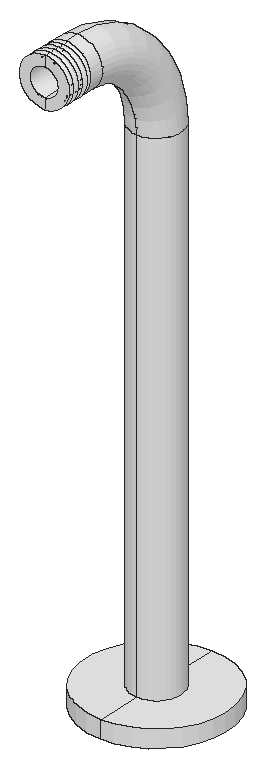
Revit family "Shower_Arm-Right_Angle-American_Standard-1660.194_Series", category Plumbing Fixtures, host Face, Revit 2019
Family settings
  Host = Face
  Round Connector Dimension = Use Diameter
  Part Type = Normal
  OmniClass Number = 23.45.05.14.17
  OmniClass Title = Showers
  Cut with Voids When Loaded = No
  Shared = Yes
  Room Calculation Point = No
Parameters (values of type "1660.194.002")
  Width = 2 1/2"  # constant formula
  Water Connection Radius = 1/4"  # constant formula
  Water Connection Diameter = 1/2"  # constant formula
  Waste Connection = no
  WFU = 4
  Vent Connection = no
  URL = "https://www.americanstandard-us.com/"
  Type Comments = ""
  Revised Date = "05/12/2021"
  Product Page URL = "https://www.americanstandard-us.com/bathroom/shower-faucets/wall-mount-right-angle-shower-arm-18156"
  Product Documentation Link = "https://www.americanstandard-us.com/-/media/sites/asus/files/product-specs/bulk/specsheet1660194.pdf?la=en"
  Price = "Prices may vary. Please consult Manufacturer Representative for most up-to-date price list."  # constant formula
  Model = "1660.194.002"
  Material = "Brass-American Standard-002-Polished Chrome"
  Manufacturer = "American Standard"  # constant formula
  Length = 11 3/4"  # constant formula
  Installation Type = "Wall Mount"  # constant formula
  Height = 2 1/2"  # constant formula
  HWFU = 3
  HW Connection = yes
  Finish = Brass-American Standard-002-Polished Chrome
  Description = "12\" Wall Mount Right Angle Shower Arm"
  Default Elevation = 78"  # constant formula
  Creation Date = "01/25/2018"  # constant formula
  CWFU = 3
  CW Connection = yes
  Assembly Code = "D2010700"
Types (6): name | Model | Material | Finish
  (no name) | "1660.194.002" | "Brass-American Standard-002-Polished Chrome" | Brass-American Standard-002-Polished Chrome
  1660.194.002 | "1660.194.002" | "Brass-American Standard-002-Polished Chrome" | Brass-American Standard-002-Polished Chrome
  1660.194.224 | "1660.194.224" | "Brass-American Standard-224-Oil Rubbed Bronze" | Brass-American Standard-224-Oil Rubbed Bronze
  1660.194.295 | "1660.194.295" | "Brass-American Standard-295-Brushed Nickel" | Brass-American Standard-295-Brushed Nickel
  1660.194.013 | "1660.194.013" | "Brass-American Standard-013-Polished Nickel" | Brass-American Standard-013-Polished Nickel
  1660.194.278 | "1660.194.278" | "Brass-American Standard-278-Legacy Bronze" | Brass-American Standard-278-Legacy Bronze
Reference planes (in)
  plane 1 "Center (Front/Back)": y = 0
  plane 2: z = 0
  plane 3 "Center (Left/Right)": x = 0
  plane 4: y = -2.5
  plane 5: z = 0.3125
  plane 6: y = 1.25
  plane 7: y = -1.25
  plane 8: z = 11.31238
  plane 9: z = -0.25012
  plane 10: z = 11.49988
  plane 11: z = 11.06238
Forms (in)
  Revolve 1, solid, material "Brass-American Standard-002-Polished Chrome" <- "Finish"
    sketch origin (0, 0, 0) x (0, 1, 0) y (0, 0, 1)
      loop
        line (0, 0) -> (0, 0.3125) -> (-1.25, 0.3125) -> (-1.25, 0) -> (0, 0)
      axis (0, 0.3125) -> (0, 0)
    angle from 0 to 360
  Sweep 2, solid, material "Brass-American Standard-002-Polished Chrome" <- "Finish"
    path origin (0, 0, -0.25012) x (0, 1, 0) y (0, 0, 1)
      loop
        line (0, 0) -> (0, 9.5625)
        arc (0, 9.5625) -> (-0.51256, 10.79994) -> (-1.75, 11.3125) r 1.75
        line (-1.75, 11.3125) -> (-2, 11.3125)
    profile origin (0, 0, 4.53113) x (0, -1, 0) y (1, 0, 0)
      loop
        circle (0, 0) r 0.4375
      loop
        circle (0, 0) r 0.25
  Revolve 3, solid, material "Brass-American Standard-002-Polished Chrome" <- "Finish"
    sketch origin (0, 0, -7.31262) x (0, 1, 0) y (0, 0, 1)
      loop
        line (-2.5, 18.625) -> (-2, 18.625) -> (-2, 18.8125)
        arc (-2, 18.8125) -> (-2.05, 18.7625) -> (-2.1, 18.8125) r 0.05
        arc (-2.1, 18.8125) -> (-2.15, 18.7625) -> (-2.2, 18.8125) r 0.05
        arc (-2.2, 18.8125) -> (-2.25, 18.7625) -> (-2.3, 18.8125) r 0.05
        arc (-2.3, 18.8125) -> (-2.35, 18.7625) -> (-2.4, 18.8125) r 0.05
        arc (-2.4, 18.8125) -> (-2.45, 18.7625) -> (-2.5, 18.8125) r 0.05
        line (-2.5, 18.8125) -> (-2.5, 18.625)
      axis (-2.5, 18.375) -> (-2, 18.375)
    angle from 0 to 360
Cuts and joins
  joined: Revolve 1, Sweep 2, Revolve 3
Lines and regions (in)
  Masking region 1
    outline origin (0, 0, 0) x (1, 0, 0) y (0, 0, 1)
      loop
        line (0.4375, 0) -> (1.25, 0) -> (1.25, 0.3125) -> (0.4375, 0.3125) -> (0.4375, 11.06238)
        arc (0.4375, 11.06238) -> (0.30936, 11.37174) -> (0, 11.49988) r 0.4375
        arc (0, 11.49988) -> (-0.30936, 11.37174) -> (-0.4375, 11.06238) r 0.4375
        line (-0.4375, 11.06238) -> (-0.4375, 0.3125) -> (-1.25, 0.3125) -> (-1.25, 0) -> (-0.4375, 0) -> (-0.4375, -0.25012) -> (0.4375, -0.25012) -> (0.4375, 0)
  symbolic lines, detail levels medium+fine
    curve 1: line (0.4375, 0, 0) -> (-0.4375, 0, 0)
    curve 2: line (0.4375, 0, 0.3125) -> (-0.4375, 0, 0.3125)
Dimensions and locks (in)
  "Width": plane 6 to plane 7
  "Height": plane 1 "Center (Front/Back)" to plane 4
  locked: level to plane 9 at 0.25012
  "Length": plane 10 to plane 9
  locked: plane 10 to plane 11 at 0.4375
  aligned and locked: plane 2 to host face
  aligned and locked: level to host face
  aligned and locked: Revolve 3 sketch curve to plane 8
  aligned and locked: cut or joined group of Revolve 1, Sweep 2, Revolve 3 to Masking region 1 sketch curve  (x2)
  aligned and locked: Masking region 1 sketch curve to cut or joined group of Revolve 1, Sweep 2, Revolve 3  (x5)
  aligned and locked: Masking region 1 sketch curve to Masking region 1 sketch curve
  aligned and locked: curve 1 to cut or joined group of Revolve 1, Sweep 2, Revolve 3
  aligned and locked: curve 2 to curve 1
Automatic sketch dimensions
  host sketch curve to host sketch curve = 96"  (x2)
  plane 5 to Revolve 1 sketch curve = 0"
  Revolve 1 sketch curve to plane 7 = 0"
  Revolve 1 sketch curve to plane 1 "Center (Front/Back)" = 0"  (x2)
  Revolve 1 sketch curve to level = 0"
  Revolve 1 sketch curve to level = 0.41882"
  Revolve 1 sketch curve to Revolve 1 sketch curve = 1.13483"
  Sweep 2 sketch curve to Sweep 2 sketch curve = 0"  (x2)
  Sweep 2 sketch curve to plane 3 "Center (Left/Right)" = 0"
  Sweep 2 sketch curve to profile plane = 0"
  Revolve 3 sketch curve to plane 4 = 0"
  Revolve 3 sketch curve to plane 4 = 0.05"
  Revolve 3 sketch curve to Revolve 3 sketch curve = 0.05"  (x2)
  Revolve 3 sketch curve to Revolve 3 sketch curve = 0.1"  (x3)
  Revolve 3 sketch curve to Revolve 3 sketch curve = 3/16"
  Revolve 3 sketch curve to Revolve 3 sketch curve = 0"  (x7)
  plane 4 to Revolve 3 sketch curve = 3/4"
  Revolve 3 sketch curve to Revolve 3 sketch curve = 1"
  Revolve 3 sketch curve to plane 10 = 7/16"
  Sweep 2 sketch curve to plane 11 = 0"
  Sweep 2 sketch curve to plane 1 "Center (Front/Back)" = 0"
  Sweep 2 sketch curve to plane 9 = 0"
  plane 7 to Sweep 2 sketch curve = 1/2"
  Sweep 2 sketch curve to Sweep 2 sketch curve = 1/4"
  Masking region 1 sketch curve to Masking region 1 sketch curve = 13/16"  (x2)
  Masking region 1 sketch curve to Masking region 1 sketch curve = 0"
  curve 2 to plane 5 = 0"
  curve 1 to plane 3 "Center (Left/Right)" = 7/16"
  curve 2 to curve 1 = 0"
  plane 3 "Center (Left/Right)" to curve 2 = 7/16"
  radius of Sweep 2 sketch curve = 7/16"
  radius of Sweep 2 sketch curve = 1/4"
Connectors (in)
  piping at (0, 0, -0.25012), diameter 0.5, driven by "Water Connection Diameter"
    settings: on cut or joined group of Revolve 1, Sweep 2, Revolve 3, index 1, connector inside diameter 24", connector length 0", flow factor 0, pipe flow 0 GPM, pressure drop 0.00 psi, fitting loss kfactor 0, connector angle 0.00°, fixture units 0, engagement length 0", angle of deflection 0.00°, flow configuration 0, flow direction 1, fitting loss method 0, system type 29, joint type 0, gender type 0, connector reference index -1, connector utility 0, adjustable connector no, is connector primary yes, connector description "1/2\" NPT Inlet Connection"
